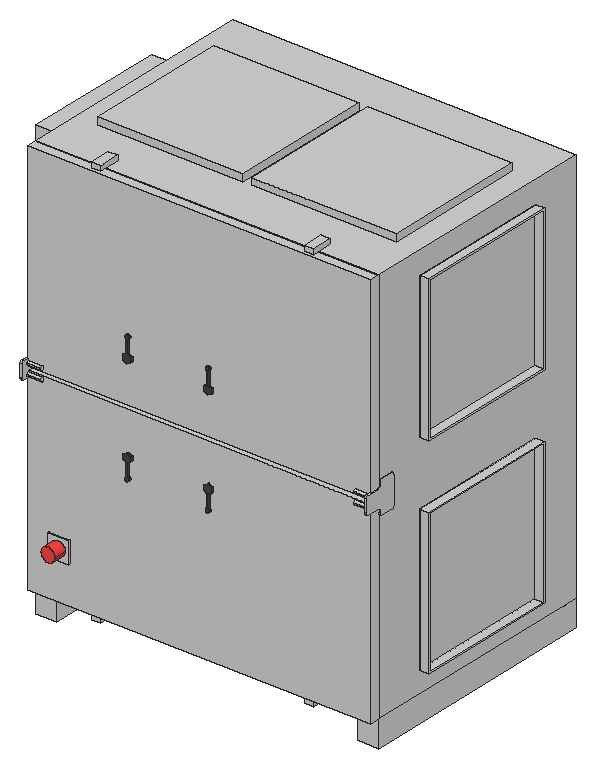
Revit family "Ventilator-RenewAire-Energy-Recovery-HE1.5XINH", category Mechanical Equipment, Revit 2015
Parameters (values of type "1 HP 120V Single Phase")
  Voltage = "120"
  Ventilation Type = "Static Plate, Heat and Humidity Transfer"
  Upper Right Connector = yes
  Unit Width = "34-1/2\""
  Unit Weight = "365-504 lbs."
  Unit Length = "48-3/4\""
  Unit Height = "53-3/4\""
  Unit = Metal - RenewAire - Anodized - Gray Text
  URL = "www.renewaire.com"
  Typical Airflow Range = "375 - 1,575 CFM"
  Top Right Offset = if(Upper Right Connector, 1' 9 9/16", 1' 6 13/16")  # 1' - 9 9/16"
  Top Right Height = if(Upper Right Connector, 2' 8", 4' 4 3/4")  # 2' - 8"
  Top Right Connector = not(Upper Right Connector)  # no
  Top Right Angle = if(Upper Right Connector, 0.00°, 270.00°)  # 0.00°
  Standard Features = "Non-Fused Disconnect, 24VAC Transformer/Relay Package"
  Shipping Weight = "571 lbs."
  Service Area Visibility = no
  Service Area Box = Interference - RenewAire - Smooth - Light - Gold
  Revit Object Download Link = ""
  Phase = "Single"
  Options = "Qty. 2, ECM Motor (see HE1.5XINH EC Motor submittal) - 1.0 HP 120V/1Ph/60HZ, 1.0HP 208-230V/1Ph/60HZ, Integrated programmable controls, Fused disconnect, Double wall construction, Gravity backdraft dampers, Class 1 low leakage motorized isolation dampers – FA, EA or both airstreams, Qty. 2 Factory mounted filter alarms, Independent blower control, Exterior paint - white, custom colors, Bypass economizer (see bypass dimension drawing page) – dry bulb temperature controls(standard), enthalpy controls(option)"
  Number Motors = "Qty. 2, 1.0 HP ea., Direct drive standard motorized impeller packages"
  Model = "HE1.5XINH"
  Minimum Circuit Amps = "14.6 A"
  Maximum Overcurrent Protection = "20 A"
  Max. Shipping Width = "47\""
  Max. Shipping Length = "70\""
  Max. Shipping Height = "53\""
  Manufacturer = "RenewAire LLC"
  Lower Right Connector = yes
  Lower Left Connector = yes
  Frequency = "60 HZ"
  FLA per Motor = "6.5"
  Description = "Energy Recovery Ventilator"
  Bottom Right Offset = if(Lower Right Connector, 1' 9 9/16", 0' 0 13/16")  # 1' - 9 9/16"
  Bottom Right Height = if(Lower Right Connector, 0' 6", 0' 3 1/4")  # 0' - 6"
  Bottom Right Connector = not(Lower Right Connector)  # no
  Bottom Right Angle = if(Lower Right Connector, 0.00°, 90.00°)  # 0.00°
  Bottom Left Offset = if(Lower Left Connector, 1' 9 9/16", 1' 6 9/16")  # 1' - 9 9/16"
  Bottom Left Height = if(Lower Left Connector, 2' 0", 0' 3")  # 2' - 0"
  Bottom Left Connector = not(Lower Left Connector)  # no
  Bottom Left Angle = if(Lower Left Connector, 180.00°, 270.00°)  # 180.00°
  Accessories = "Filters - MERV 13, 2\" (shipped loose), Backdraft Damper - OA or EA, Digital time clock - wall mount(TC7D-W),  in exterior enclosure (TC7D-E), Motion occupancy control - ceiling mount(MC-C), wall mount(MC-W), Carbon dioxide control - wall mount (CO2-W), duct mount(CO2-D), Electric duct heater – EK series (1-60 KW), Indirect gas-fired duct furnace - GH Series (50-400 MBH), installed downstream of any fans"
  AHRI 1060 Certified Core = "One L62-G5 and one L125-G5"
Types (6): name | Voltage | Service Area Visibility | Phase | Minimum Circuit Amps | Maximum Overcurrent Protection | FLA per Motor
  (no name) | "120" | no | "Single" | "14.6 A" | "20 A" | "6.5"
  1 HP 120V Single Phase | "120" | no | "Single" | "14.6 A" | "20 A" | "6.5"
  1 HP 208-230V Single Phase | "208-230" | yes | "Single" | "7.7 A" | "15 A" | "3.3-3.4"
  1 HP 277V Single Phase | "277" | yes | "Single" | "6.1 A" | "15 A" | "2.7"
  1 HP 208-230V Three Phase | "208-230" | yes | "Three" | "5.0 A" | "15 A" | "2.2-2.2"
  1 HP 460V Three Phase | "460" | yes | "Three" | "2.5 A" | "15 A" | "1.1"
Reference planes (in)
  plane 1 "Center (Front/Back)": y = 0
  plane 2: z = 0
  plane 3 "Center (Left/Right)": x = 0
  plane 4 "MinServiceArea": y = -36.0625
Forms (in)
  Extrusion 1, solid, material "Metal - RenewAire - Anodized - Gray Text" <- "Unit", visible <- "Bottom Left Connector"
    sketch origin (0, 0, 0) x (0, 1, 0) y (0, 0, 1)
      loop
        line (9.5625, 24) -> (-8.4375, 24) -> (-8.4375, 6) -> (9.5625, 6) -> (9.5625, 24)
    from -22.5625 to -21.3125
  Extrusion 2, solid, material "Metal - RenewAire - Anodized - Gray Text" <- "Unit"
    sketch origin (0, 0, 0) x (1, 0, 0) y (0, 1, 0)
      loop
        line (-21.3125, 15.9375) -> (-21.3125, -14.6875) -> (21.3125, -14.6875) -> (21.3125, 15.9375) -> (-21.3125, 15.9375)
    from 3.25 to 52.75
  Extrusion 3, solid, material "Metal - RenewAire - Anodized - Gray Text" <- "Unit"
    sketch origin (0, 0, 0) x (1, 0, 0) y (0, 0, 1)
      loop
        line (-21.3125, 3.25) -> (-21.3125, 0) -> (-18.6875, 0) -> (-18.6875, 3.25) -> (-21.3125, 3.25)
      loop
        line (21.3125, 3.25) -> (18.68674, 3.25) -> (18.68674, 0) -> (21.3125, 0) -> (21.3125, 3.25)
    from -15.9375 to 14.6875
  Extrusion 4, solid, material "Metal - RenewAire - Anodized - Gray Text" <- "Unit"
    sketch origin (0, 0, 0) x (1, 0, 0) y (0, 0, 1)
      loop
        line (-21.3125, 52.75) -> (-21.3125, 28.25) -> (21.3125, 28.25) -> (21.3125, 52.75) -> (-21.3125, 52.75)
      loop
        line (-21.3125, 27.75) -> (-21.3125, 3.25) -> (21.3125, 3.25) -> (21.3125, 27.75) -> (-21.3125, 27.75)
    from 14.6875 to 15.9375
  Extrusion 5, solid, material "Metal - RenewAire - Anodized - Gray Text" <- "Unit"
    sketch origin (0, 0, 0) x (1, 0, 0) y (0, 1, 0)
      loop
        line (-18.5625, 9.5625) -> (-18.5625, -8.4375) -> (-0.5625, -8.4375) -> (-0.5625, 9.5625) -> (-18.5625, 9.5625)
    from 52.75 to 53.625
  Extrusion 6, solid, material "Interference - RenewAire - Smooth - Light - Gold" <- "Service Area Box", visible <- "Service Area Visibility"
    sketch origin (0, 0, 0) x (0, 1, 0) y (0, 0, 1)
      loop
        line (-15.9375, 52.75) -> (-40.4375, 52.75) -> (-40.4375, 3.25) -> (-15.9375, 3.25) -> (-15.9375, 52.75)
    from -21.3125 to 21.3125
  Extrusion 7, solid, material "Metal - RenewAire - Anodized - Gray Text" <- "Unit"
    sketch origin (0, 0, 0) x (0, 1, 0) y (0, 0, 1)
      loop
        line (9.5625, 50) -> (-8.4375, 50) -> (-8.4375, 32) -> (9.5625, 32) -> (9.5625, 50)
      loop
        line (9.4375, 49.875) -> (-8.3125, 49.875) -> (-8.3125, 32.125) -> (9.4375, 32.125) -> (9.4375, 49.875)
    from -26.3125 to -21.3125
  Extrusion 8, solid, material "Metal - RenewAire - Anodized - Gray Text" <- "Unit"
    sketch origin (0, 0, 0) x (1, 0, 0) y (0, 0, 1)
      loop
        line (-18.6875, 10.625) -> (-18.6875, 8) -> (-16.0625, 8) -> (-16.0625, 10.625) -> (-18.6875, 10.625)
    from 15.9375 to 16.15339
  Extrusion 9, solid, material "Plastic Red"
    sketch origin (0, 0, 0) x (1, 0, 0) y (0, 0, 1)
      loop
        circle (-17.375, 9.3125) r 0.875
    from 16.15339 to 17.6875
  Extrusion 10, solid, material "Metal - RenewAire - Anodized - Gray Text" <- "Unit"
    sketch origin (0, 0, 0) x (1, 0, 0) y (0, 1, 0)
      loop
        line (-13.8125, -12.8125) -> (-13.8125, -15.4375) -> (-12.6875, -15.4375) -> (-12.6875, -12.8125) -> (-13.8125, -12.8125)
    from 52.75 to 53.375
  Extrusion 11, solid, material "Metal - RenewAire - Anodized - Gray Text" <- "Unit"
    sketch origin (26.5, 0, 0) x (1, 0, 0) y (0, 1, 0)
      loop
        line (-13.8125, -12.8125) -> (-13.8125, -15.4375) -> (-12.6875, -15.4375) -> (-12.6875, -12.8125) -> (-13.8125, -12.8125)
    from 52.75 to 53.375
  Extrusion 12, solid, material "Metal - RenewAire - Anodized - Gray Text" <- "Unit"
    sketch origin (0, 0, 0) x (1, 0, 0) y (0, 1, 0)
      loop
        line (-13.8125, -12.8125) -> (-13.8125, -15.4375) -> (-12.6875, -15.4375) -> (-12.6875, -12.8125) -> (-13.8125, -12.8125)
    from 2.375 to 3.25
  Extrusion 13, solid, material "Metal - RenewAire - Anodized - Gray Text" <- "Unit"
    sketch origin (26.5, 0, 0) x (1, 0, 0) y (0, 1, 0)
      loop
        line (-13.8125, -12.8125) -> (-13.8125, -15.4375) -> (-12.6875, -15.4375) -> (-12.6875, -12.8125) -> (-13.8125, -12.8125)
    from 2.375 to 3.25
  Extrusion 14, solid, material "Metal - RenewAire - Anodized - Gray Text" <- "Unit"
    sketch origin (0, 0, 0) x (0, 1, 0) y (0, 0, 1)
      loop
        line (-12.9375, 30) -> (-14.4375, 30)
        arc (-14.4375, 30) -> (-14.61428, 29.92678) -> (-14.6875, 29.75) r 0.25
        line (-14.6875, 29.75) -> (-14.6875, 29.3125)
        arc (-14.6875, 29.3125) -> (-14.76072, 29.13572) -> (-14.9375, 29.0625) r 0.25
        line (-14.9375, 29.0625) -> (-16.5625, 29.0625)
        arc (-16.5625, 29.0625) -> (-16.73928, 28.98928) -> (-16.8125, 28.8125) r 0.25
        line (-16.8125, 28.8125) -> (-16.8125, 27.1875)
        arc (-16.8125, 27.1875) -> (-16.73928, 27.01072) -> (-16.5625, 26.9375) r 0.25
        line (-16.5625, 26.9375) -> (-14.9375, 26.9375)
        arc (-14.9375, 26.9375) -> (-14.76072, 26.86428) -> (-14.6875, 26.6875) r 0.25
        line (-14.6875, 26.6875) -> (-14.6875, 26.25)
        arc (-14.6875, 26.25) -> (-14.61428, 26.07322) -> (-14.4375, 26) r 0.25
        line (-14.4375, 26) -> (-12.9375, 26)
        arc (-12.9375, 26) -> (-12.76072, 26.07322) -> (-12.6875, 26.25) r 0.25
        line (-12.6875, 26.25) -> (-12.6875, 29.75)
        arc (-12.6875, 29.75) -> (-12.76072, 29.92678) -> (-12.9375, 30) r 0.25
    from -21.5625 to -21.3125
  Extrusion 15, solid, material "Metal - RenewAire - Anodized - Gray Text" <- "Unit"
    sketch origin (0, 0, 0) x (0, 1, 0) y (0, 0, 1)
      loop
        line (-12.9375, 30) -> (-14.4375, 30)
        arc (-14.4375, 30) -> (-14.61428, 29.92678) -> (-14.6875, 29.75) r 0.25
        line (-14.6875, 29.75) -> (-14.6875, 29.3125)
        arc (-14.6875, 29.3125) -> (-14.76072, 29.13572) -> (-14.9375, 29.0625) r 0.25
        line (-14.9375, 29.0625) -> (-16.5625, 29.0625)
        arc (-16.5625, 29.0625) -> (-16.73928, 28.98928) -> (-16.8125, 28.8125) r 0.25
        line (-16.8125, 28.8125) -> (-16.8125, 27.1875)
        arc (-16.8125, 27.1875) -> (-16.73928, 27.01072) -> (-16.5625, 26.9375) r 0.25
        line (-16.5625, 26.9375) -> (-14.9375, 26.9375)
        arc (-14.9375, 26.9375) -> (-14.76072, 26.86428) -> (-14.6875, 26.6875) r 0.25
        line (-14.6875, 26.6875) -> (-14.6875, 26.25)
        arc (-14.6875, 26.25) -> (-14.61428, 26.07322) -> (-14.4375, 26) r 0.25
        line (-14.4375, 26) -> (-12.9375, 26)
        arc (-12.9375, 26) -> (-12.76072, 26.07322) -> (-12.6875, 26.25) r 0.25
        line (-12.6875, 26.25) -> (-12.6875, 29.75)
        arc (-12.6875, 29.75) -> (-12.76072, 29.92678) -> (-12.9375, 30) r 0.25
    from 21.3125 to 21.5625
  Extrusion 16, solid, material "Metal - RenewAire - Anodized - Gray Text" <- "Unit"
    sketch origin (0, 0, 0) x (0, 1, 0) y (0, 0, 1)
      loop
        circle (-15.9375, 28.625) r 0.25
      loop
        circle (-15.9375, 27.375) r 0.25
    from -21.3125 to -19.5
  Extrusion 17, solid, material "Metal - RenewAire - Anodized - Gray Text" <- "Unit"
    sketch origin (0, 0, 0) x (0, 1, 0) y (0, 0, 1)
      loop
        circle (-15.9375, 28.625) r 0.25
      loop
        circle (-15.9375, 27.375) r 0.25
    from 19.5 to 21.3125
  Extrusion 18, solid, material "MonitorPorts"
    sketch origin (0.62847, 0, -1.60669) x (1, 0, 0) y (0, 0, 1)
      loop
        line (-9.53348, 35.65895) -> (-9.94097, 35.42369) -> (-9.94097, 34.83769) -> (-9.43348, 34.54469) -> (-8.92599, 34.83769) -> (-8.92599, 35.42369) -> (-9.33348, 35.65895) -> (-9.33348, 37.28756)
        arc (-9.33348, 37.28756) -> (-9.43348, 37.76669) -> (-9.53348, 37.28756) r 0.25
        line (-9.53348, 37.28756) -> (-9.53348, 35.65895)
    from 15.9375 to 16.15339
  Extrusion 19, solid, material "MonitorPorts"
    sketch origin (10.62847, 0, -1.60669) x (1, 0, 0) y (0, 0, 1)
      loop
        line (-9.53348, 35.65895) -> (-9.94097, 35.42369) -> (-9.94097, 34.83769) -> (-9.43348, 34.54469) -> (-8.92599, 34.83769) -> (-8.92599, 35.42369) -> (-9.33348, 35.65895) -> (-9.33348, 37.28756)
        arc (-9.33348, 37.28756) -> (-9.43348, 37.76669) -> (-9.53348, 37.28756) r 0.25
        line (-9.53348, 37.28756) -> (-9.53348, 35.65895)
    from 15.9375 to 16.15339
  Extrusion 20, solid, material "MonitorPorts"
    sketch origin (-8.23849, 0, 57.60458) x (-1, 0, 0) y (0, 0, -1)
      loop
        line (-9.53348, 35.65895) -> (-9.94097, 35.42369) -> (-9.94097, 34.83769) -> (-9.43348, 34.54469) -> (-8.92599, 34.83769) -> (-8.92599, 35.42369) -> (-9.33348, 35.65895) -> (-9.33348, 37.28756)
        arc (-9.33348, 37.28756) -> (-9.43348, 37.76669) -> (-9.53348, 37.28756) r 0.25
        line (-9.53348, 37.28756) -> (-9.53348, 35.65895)
    from 15.9375 to 16.15339
  Extrusion 21, solid, material "MonitorPorts"
    sketch origin (-18.23849, 0, 57.60458) x (-1, 0, 0) y (0, 0, -1)
      loop
        line (-9.53348, 35.65895) -> (-9.94097, 35.42369) -> (-9.94097, 34.83769) -> (-9.43348, 34.54469) -> (-8.92599, 34.83769) -> (-8.92599, 35.42369) -> (-9.33348, 35.65895) -> (-9.33348, 37.28756)
        arc (-9.33348, 37.28756) -> (-9.43348, 37.76669) -> (-9.53348, 37.28756) r 0.25
        line (-9.53348, 37.28756) -> (-9.53348, 35.65895)
    from 15.9375 to 16.15339
  Extrusion 22, solid, material "Metal - RenewAire - Anodized - Gray Text" <- "Unit", visible <- "Upper Right Connector"
    sketch origin (19.125, 0, 0) x (1, 0, 0) y (0, 1, 0)
      loop
        line (-18.5625, 9.5625) -> (-18.5625, -8.4375) -> (-0.5625, -8.4375) -> (-0.5625, 9.5625) -> (-18.5625, 9.5625)
    from 52.75 to 53.625
  Extrusion 23, solid, material "Metal - RenewAire - Anodized - Gray Text" <- "Unit", visible <- "Top Right Connector"
    sketch origin (0, 0, 0) x (0, 1, 0) y (0, 0, 1)
      loop
        line (9.5625, 50) -> (-8.4375, 50) -> (-8.4375, 32) -> (9.5625, 32) -> (9.5625, 50)
    from 21.3125 to 22.5625
  Extrusion 24, solid, material "Metal - RenewAire - Anodized - Gray Text" <- "Unit", visible <- "Lower Left Connector"
    sketch origin (0, 0, 0) x (1, 0, 0) y (0, 1, 0)
      loop
        line (-18.5625, 9.5625) -> (-18.5625, -8.4375) -> (-0.5625, -8.4375) -> (-0.5625, 9.5625) -> (-18.5625, 9.5625)
    from 2.25 to 3.25
  Extrusion 25, solid, material "Metal - RenewAire - Anodized - Gray Text" <- "Unit", visible <- "Lower Right Connector"
    sketch origin (19.125, 0, 0) x (1, 0, 0) y (0, 1, 0)
      loop
        line (-18.5625, 9.5625) -> (-18.5625, -8.4375) -> (-0.5625, -8.4375) -> (-0.5625, 9.5625) -> (-18.5625, 9.5625)
    from 2.25 to 3.25
  Extrusion 26, solid, material "Metal - RenewAire - Anodized - Gray Text" <- "Unit", visible <- "Bottom Right Connector"
    sketch origin (0, 0, 0) x (0, 1, 0) y (0, 0, 1)
      loop
        line (9.5625, 24) -> (-8.4375, 24) -> (-8.4375, 6) -> (9.5625, 6) -> (9.5625, 24)
    from 21.3125 to 22.5625
  Extrusion 27, solid, material "Metal - RenewAire - Anodized - Gray Text" <- "Unit", visible <- "Lower Left Connector"
    sketch origin (0, 0, -26) x (0, 1, 0) y (0, 0, 1)
      loop
        line (9.5625, 50) -> (-8.4375, 50) -> (-8.4375, 32) -> (9.5625, 32) -> (9.5625, 50)
      loop
        line (9.4375, 49.875) -> (-8.3125, 49.875) -> (-8.3125, 32.125) -> (9.4375, 32.125) -> (9.4375, 49.875)
    from -26.3125 to -21.3125
  Extrusion 28, solid, material "Metal - RenewAire - Anodized - Gray Text" <- "Unit", visible <- "Bottom Left Connector"
    sketch origin (31.4375, 0, 24.5625) x (0, 1, 0) y (-1, 0, 0)
      loop
        line (9.5625, 50) -> (-8.4375, 50) -> (-8.4375, 32) -> (9.5625, 32) -> (9.5625, 50)
      loop
        line (9.4375, 49.875) -> (-8.3125, 49.875) -> (-8.3125, 32.125) -> (9.4375, 32.125) -> (9.4375, 49.875)
    from -22.5625 to -21.3125
  Extrusion 29, solid, material "Metal - RenewAire - Anodized - Gray Text" <- "Unit", visible <- "Bottom Right Connector"
    sketch origin (50.5625, 0, 24.5625) x (0, 1, 0) y (-1, 0, 0)
      loop
        line (9.5625, 50) -> (-8.4375, 50) -> (-8.4375, 32) -> (9.5625, 32) -> (9.5625, 50)
      loop
        line (9.4375, 49.875) -> (-8.3125, 49.875) -> (-8.3125, 32.125) -> (9.4375, 32.125) -> (9.4375, 49.875)
    from -22.5625 to -21.3125
  Extrusion 30, solid, material "Metal - RenewAire - Anodized - Gray Text" <- "Unit", visible <- "Lower Right Connector"
    sketch origin (0, 0, -26) x (0, 1, 0) y (0, 0, 1)
      loop
        line (9.5625, 50) -> (-8.4375, 50) -> (-8.4375, 32) -> (9.5625, 32) -> (9.5625, 50)
      loop
        line (9.4375, 49.875) -> (-8.3125, 49.875) -> (-8.3125, 32.125) -> (9.4375, 32.125) -> (9.4375, 49.875)
    from 21.3125 to 22.5625
  Extrusion 31, solid, material "Metal - RenewAire - Anodized - Gray Text" <- "Unit", visible <- "Upper Right Connector"
    sketch origin (0, 0, 0) x (0, 1, 0) y (0, 0, 1)
      loop
        line (9.5625, 50) -> (-8.4375, 50) -> (-8.4375, 32) -> (9.5625, 32) -> (9.5625, 50)
      loop
        line (9.4375, 49.875) -> (-8.3125, 49.875) -> (-8.3125, 32.125) -> (9.4375, 32.125) -> (9.4375, 49.875)
    from 21.3125 to 22.5625
  Extrusion 32, solid, material "Metal - RenewAire - Anodized - Gray Text" <- "Unit", visible <- "Top Right Connector"
    sketch origin (50.5625, 0, 19.0625) x (0, 1, 0) y (-1, 0, 0)
      loop
        line (9.5625, 50) -> (-8.4375, 50) -> (-8.4375, 32) -> (9.5625, 32) -> (9.5625, 50)
      loop
        line (9.4375, 49.875) -> (-8.3125, 49.875) -> (-8.3125, 32.125) -> (9.4375, 32.125) -> (9.4375, 49.875)
    from 33.6875 to 34.5625
Dimensions and locks (in)
  aligned and locked: level to plane 2
Nested families (in)
  nested 1: "Connector" at (0, 0.5625, 0), type "Lower Left"
    with Offset 1' - 9 9/16", Base Height 2' - 0", A 180.00°
  nested 2: "Connector" at (-0.25, 0.5625, 0) x (-1, 0, 0) z (0, 0, 1), type "Lower Right"
    with Offset 1' - 9 9/16"
  nested 3: "Connector" at (-0.25, 0.5625, 0) x (-1, 0, 0) z (0, 0, 1), type "Upper Right"
    with Offset 1' - 9 9/16", Base Height 2' - 8"
  nested 4: "Connector" at (0, 0.5625, 0), type "Standard"
Connectors (in)
  hvac at (21.3125, 0.5625, 41)
    settings: on nested 3, index 1, duct flow 0 CFM, flow factor 0, pres drop 0.00 in-wg, loss coef 0, conn angle 0.00°, conn width 18", conn height 18", conn diameter 24", duct sys type 1, conn prof type 1, flow config 0, flow direction 1, loss method 0, conn ref index -1, conn util no, is conn primary yes, conn desc "OA (Outside Air)"
  hvac at (21.3125, 0.5625, 15)
    settings: on nested 2, index 2, duct flow 0 CFM, flow factor 0, pres drop 0.00 in-wg, loss coef 0, conn angle 0.00°, conn width 18", conn height 18", conn diameter 24", duct sys type 2, conn prof type 1, flow config 0, flow direction 1, loss method 0, conn ref index -1, conn util no, is conn primary no, conn desc "RA (Return Air)"
  hvac at (-21.3125, 0.5625, 15)
    settings: on nested 1, index 3, duct flow 0 CFM, flow factor 0, pres drop 0.00 in-wg, loss coef 0, conn angle 0.00°, conn width 18", conn height 18", conn diameter 24", duct sys type 1, conn prof type 1, flow config 0, flow direction 2, loss method 0, conn ref index -1, conn util no, is conn primary no, conn desc "FA (Fresh Air)"
  hvac at (-21.3125, 0.5625, 41)
    settings: on Extrusion 7, index 4, duct flow 0 CFM, flow factor 0, pres drop 0.00 in-wg, loss coef 0, conn angle 0.00°, conn width 18", conn height 18", conn diameter 24", duct sys type 3, conn prof type 1, flow config 0, flow direction 2, loss method 0, conn ref index -1, conn util no, is conn primary no, conn desc "EA (Exhaust Air)"
Definition of nested family "Connector"
  Parameters
    Width = 1' - 6"
    Unit = none
    Offset = 0' - 0"
    Height = 1' - 6"
    Base Height = 0' - 6"
    A = 0.00°
  Reference planes (in)
    plane 1 "Center (Front/Back)": y = 0
    plane 2: z = 0
    plane 3 "Center (Left/Right)": x = 0
  Forms (in)
    Extrusion 1, solid, material <- "Unit"
      sketch origin (0, 0, 24) x (0, 0, -1) y (1, 0, 0)
        loop
          line (0, 0) -> (0, -0.25) -> (18, -0.25) -> (18, 0) -> (0, 0)
      from -9 to 9
  Lines and regions (in)
    reference lines
      curve 1: line (0, 0, 24) -> (0, 0, 6)
  Dimensions and locks (in)
    "Base Height": curve 1 to plane 2
    "Height": curve 1 to curve 1
    locked: curve 1 to Extrusion 1 sketch curve at 0.25
    equal spacing: Extrusion 1, curve 1, Extrusion 1
    "Width": Extrusion 1 to Extrusion 1
    "Offset": plane 3 "Center (Left/Right)" to curve 1
    "A": angle plane 3 "Center (Left/Right)" to curve 1
    aligned and locked: plane 2 to level
    aligned and locked: Extrusion 1 sketch curve to curve 1  (x3)
